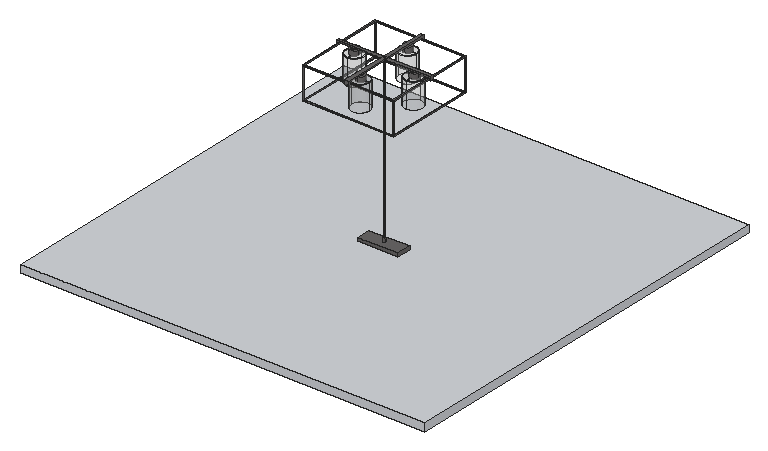
Revit family "P400226-031", category Lighting Fixtures, host Face, Revit 2014
Parameters (values of type "P400226-031")
  Wood = Paint - Hubbell - Textured Camera Black
  White = Paint - Hubbell - Matte White
  Watts = 100 W
  Wattage Comments = "100W"
  Warranty = "1 year Warranty"  # constant formula
  Voltage = 120 V
  URL = "https://www.hubbell.com/progresslighting/en"
  Product Link = "https://www.hubbell.com/progresslighting/en/Products/Lighting-Controls/Residential-Indoor-Lighting/New-Indoor-Products/Chadwick-Collection-Four-Light-Black-Chandelier/p/3980550"
  Product Documentation Link = "https://hubbellcdn.com/specsheet/PROG_P400226-031_spec.pdf"
  Power Factor = 1
  Model = "P400226-031"  # constant formula
  Manufacturer = "Progress Lighting"  # constant formula
  Load Classification = Lighting
  Square = 21 5/8"
  Lamp = "LED or Incandescent"
  Housing Material = Paint - Hubbell - Textured Camera Black
  Gold = Hubbell - Gold
  Glass = Paint - Hubbell - White Texture
  Fixture distribution = "Direct"  # constant formula
  Specifications = "Beautiful opal glass shades visually calm the sharp edges of the boxy frame in a masterful\r\nstroke of design excellence.\r\n• The frame is coated in a classic black finish that contrasts the light shades.\r\n• The light fixture is just right for spaces in need of a subtle, feminine touch.\r\n• Ideal for any foyer, dining room, or kitchen.\r\n• Perfect for transitional, modern, and contemporary settings.\r\n• Measures 21-5/8-inch width by 12-7/8-inch height.\r\n• Uses four medium base bulbs that are sold separately (100w max - LED or incandescent).\r\n• Able to be fully dimmable with dimmable bulbs.\r\n• Includes installation instructions and mounting hardware.\r\n• Progress Lighting products are designed for exceptional quality, reliability, and functionality."  # constant formula
  Height = 12 7/8"
  Description = "Stick with simple geometric forms and clean crisp lines with this modern\r\nwall bracket. Beautiful opal glass shades visually calm the sharp edges of the\r\nboxy frame in a masterful stroke of design excellence. The frame is coated in\r\na classic brushed nickel finish that contrasts the light shades. The light fixture\r\nis just right for spaces in need of a subtle, feminine touch."  # constant formula
  Depth = 3 223/256"
  Default Elevation = 48"
  Copyright = " ©2020 Progress Lighting, a division of Hubbell Lighting, Inc"  # constant formula
  Contact = "https://www.hubbell.com/progresslighting/en/contactUs"
  Connector Description = "Lighting Connector"  # constant formula
  Assembly Code = "D5020200"
  Apparent Load = Watts / Power Factor  # 100 VA
Reference planes (in)
  plane 1 "Center (Front/Back)": y = 0
  plane 2: z = 0.5561
  plane 3 "Center (Left/Right)": x = 0
  plane 4: z = 40.5561
  plane 5: x = -10.8125
  plane 6: x = 10.8125
  plane 7: y = -10.8125
  plane 8: y = 10.8125
Forms (in)
  Extrusion 1, solid
    sketch origin (0, 0, 0) x (1, 0, 0) y (0, 1, 0)
      loop
        line (-48, 48) -> (-48, -48) -> (48, -48) -> (48, 48) -> (-48, 48)
    from 0.5561 to -1.25
  Extrusion 2, solid, material "Paint - Hubbell - Textured Camera Black" <- "Housing Material"
    sketch origin (0, 0, 0) x (1, 0, 0) y (0, 1, 0)
      loop
        line (-4.75, 1.41327) -> (-4.75, -1.96173) -> (4.81529, -1.96173) -> (4.81529, 1.41327) -> (-4.75, 1.41327)
    from 0.5561 to 1.26909
  Sweep 3, solid, material "Paint - Hubbell - Textured Camera Black" <- "Housing Material"
    path origin (0, 0, 0) x (1, 0, 0) y (0, 1, 0)
      loop
        line (-10.8125, 10.8125) -> (-10.8125, -10.8125) -> (10.8125, -10.8125) -> (10.8125, 10.8125) -> (-10.8125, 10.8125)
    profile origin (0, 10.8125, 0) x (0, 1, 0) y (0, 0, 1)
      loop
        line (0, 39.7436) -> (-0.19386, 39.7436) -> (-0.19386, 39.54069) -> (0, 39.54069) -> (0, 39.7436)
  Sweep 4, solid, material "Paint - Hubbell - Textured Camera Black" <- "Housing Material"
    path origin (0, 0, -8.375) x (1, 0, 0) y (0, 1, 0)
      loop
        line (-10.8125, 10.8125) -> (-10.8125, -10.8125) -> (10.8125, -10.8125) -> (10.8125, 10.8125) -> (-10.8125, 10.8125)
    profile origin (0, 10.8125, -8.375) x (0, 1, 0) y (0, 0, 1)
      loop
        line (0, 40.5561) -> (-0.19386, 40.5561) -> (-0.19386, 40.35319) -> (0, 40.35319) -> (0, 40.5561)
  Revolve 5, solid, material "Paint - Hubbell - White Texture" <- "Glass"
    sketch origin (-7, 0, 0.5) x (0, 1, 0) y (0, 0, -1)
      loop
        line (0, -38.3061) -> (0, -38.24741) -> (-2.00123, -38.24741)
        arc (-2.00123, -38.24741) -> (-2.07898, -38.21521) -> (-2.11118, -38.13747) r 0.10994
        line (-2.11118, -38.13747) -> (-2.11118, -32.1811) -> (-2.15613, -32.1811) -> (-2.15613, -38.20715)
        arc (-2.15613, -38.20715) -> (-2.12714, -38.27712) -> (-2.05718, -38.3061) r 0.09895
        line (-2.05718, -38.3061) -> (0, -38.3061)
      axis (0, -38.3061) -> (0, -32.1811)
    angle from 0 to 360
  Revolve 6, solid, material "Paint - Hubbell - Textured Camera Black" <- "Housing Material"
    sketch origin (-16.25061, -0.06641, 3.3929) x (1, 0, 0) y (0, 0, 1)
      loop
        line (9.18811, 36.64779) -> (8.35896, 36.64779)
        arc (8.35896, 36.64779) -> (8.23815, 36.59775) -> (8.18811, 36.47694) r 0.17085
        line (8.18811, 36.47694) -> (8.18811, 35.39779) -> (9.18811, 35.39779) -> (9.18811, 36.64779)
      axis (9.18811, 35.39779) -> (9.18811, 36.64779)
    angle from 0 to 360
  Revolve 7, solid, material "Paint - Hubbell - Textured Camera Black" <- "Housing Material"
    sketch origin (-7.00061, -0.00391, 2.8929) x (1, 0, 0) y (0, 0, 1)
      loop
        line (7.00061, 37.1322) -> (6.82696, 37.1322) -> (6.82696, 36.1632) -> (6.87443, 36.1632) -> (6.87443, -0.87381) -> (6.73463, -0.87381) -> (6.73463, -1.62381) -> (7.00061, -1.62381) -> (7.00061, 37.1322)
      axis (7.00061, -1.62381) -> (7.00061, 37.1322)
    angle from 0 to 360
  Extrusion 8, solid, material "Paint - Hubbell - Textured Camera Black" <- "Housing Material"
    sketch origin (10.9375, 0, 0) x (0, 1, 0) y (0, 0, -1)
      loop
        line (-0.06838, -40.33735) -> (11.15625, -40.33735) -> (11.15625, -39.52485) -> (10.8125, -39.52485) -> (10.8125, -40.02485) -> (-0.06865, -40.02485) -> (-10.8125, -40.02485) -> (-10.8125, -39.52485) -> (-11.15625, -39.52485) -> (-11.15625, -40.33735) -> (-0.06838, -40.33735)
    from 10.47411 to 11.31297
  Extrusion 9, solid, material "Paint - Hubbell - Textured Camera Black" <- "Housing Material"
    sketch origin (0, 0, 0) x (1, 0, 0) y (0, 1, 0)
      loop
        line (-10.61864, 10.61864) -> (-10.61864, 10.8125) -> (-10.8125, 10.8125) -> (-10.8125, 10.61864) -> (-10.61864, 10.61864)
      loop
        line (-10.61864, -10.61864) -> (-10.8125, -10.61864) -> (-10.8125, -10.8125) -> (-10.61864, -10.8125) -> (-10.61864, -10.61864)
      loop
        line (10.61864, 10.61864) -> (10.8125, 10.61864) -> (10.8125, 10.8125) -> (10.61864, 10.8125) -> (10.61864, 10.61864)
      loop
        line (10.61864, -10.61864) -> (10.61864, -10.8125) -> (10.8125, -10.8125) -> (10.8125, -10.61864) -> (10.61864, -10.61864)
    from 32.1811 to 39.54069
  Revolve 10, solid, material "Paint - Hubbell - White Texture" <- "Glass"
    sketch origin (0, 7, 0.5) x (1, 0, 0) y (0, 0, -1)
      loop
        line (0, -38.3061) -> (0, -38.24741) -> (-2.00123, -38.24741)
        arc (-2.00123, -38.24741) -> (-2.07898, -38.21521) -> (-2.11118, -38.13747) r 0.10994
        line (-2.11118, -38.13747) -> (-2.11118, -32.1811) -> (-2.15613, -32.1811) -> (-2.15613, -38.20715)
        arc (-2.15613, -38.20715) -> (-2.12714, -38.27712) -> (-2.05718, -38.3061) r 0.09895
        line (-2.05718, -38.3061) -> (0, -38.3061)
      axis (0, -38.3061) -> (0, -32.1811)
    angle from 0 to 360
  Revolve 11, solid, material "Paint - Hubbell - Textured Camera Black" <- "Housing Material"
    sketch origin (-0.06641, 16.25061, 3.3929) x (0, -1, 0) y (0, 0, 1)
      loop
        line (9.18811, 36.64779) -> (8.35896, 36.64779)
        arc (8.35896, 36.64779) -> (8.23815, 36.59775) -> (8.18811, 36.47694) r 0.17085
        line (8.18811, 36.47694) -> (8.18811, 35.39779) -> (9.18811, 35.39779) -> (9.18811, 36.64779)
      axis (9.18811, 35.39779) -> (9.18811, 36.64779)
    angle from 0 to 360
  Revolve 12, solid, material "Paint - Hubbell - White Texture" <- "Glass"
    sketch origin (7, 0, 0.5) x (0, -1, 0) y (0, 0, -1)
      loop
        line (0, -38.3061) -> (0, -38.24741) -> (-2.00123, -38.24741)
        arc (-2.00123, -38.24741) -> (-2.07898, -38.21521) -> (-2.11118, -38.13747) r 0.10994
        line (-2.11118, -38.13747) -> (-2.11118, -32.1811) -> (-2.15613, -32.1811) -> (-2.15613, -38.20715)
        arc (-2.15613, -38.20715) -> (-2.12714, -38.27712) -> (-2.05718, -38.3061) r 0.09895
        line (-2.05718, -38.3061) -> (0, -38.3061)
      axis (0, -38.3061) -> (0, -32.1811)
    angle from 0 to 360
  Revolve 13, solid, material "Paint - Hubbell - Textured Camera Black" <- "Housing Material"
    sketch origin (16.25061, 0.06641, 3.3929) x (-1, 0, 0) y (0, 0, 1)
      loop
        line (9.18811, 36.64779) -> (8.35896, 36.64779)
        arc (8.35896, 36.64779) -> (8.23815, 36.59775) -> (8.18811, 36.47694) r 0.17085
        line (8.18811, 36.47694) -> (8.18811, 35.39779) -> (9.18811, 35.39779) -> (9.18811, 36.64779)
      axis (9.18811, 35.39779) -> (9.18811, 36.64779)
    angle from 0 to 360
  Revolve 14, solid, material "Paint - Hubbell - White Texture" <- "Glass"
    sketch origin (0, -7, 0.5) x (-1, 0, 0) y (0, 0, -1)
      loop
        line (0, -38.3061) -> (0, -38.24741) -> (-2.00123, -38.24741)
        arc (-2.00123, -38.24741) -> (-2.07898, -38.21521) -> (-2.11118, -38.13747) r 0.10994
        line (-2.11118, -38.13747) -> (-2.11118, -32.1811) -> (-2.15613, -32.1811) -> (-2.15613, -38.20715)
        arc (-2.15613, -38.20715) -> (-2.12714, -38.27712) -> (-2.05718, -38.3061) r 0.09895
        line (-2.05718, -38.3061) -> (0, -38.3061)
      axis (0, -38.3061) -> (0, -32.1811)
    angle from 0 to 360
  Revolve 15, solid, material "Paint - Hubbell - Textured Camera Black" <- "Housing Material"
    sketch origin (0.06641, -16.25061, 3.3929) x (0, 1, 0) y (0, 0, 1)
      loop
        line (9.18811, 36.64779) -> (8.35896, 36.64779)
        arc (8.35896, 36.64779) -> (8.23815, 36.59775) -> (8.18811, 36.47694) r 0.17085
        line (8.18811, 36.47694) -> (8.18811, 35.39779) -> (9.18811, 35.39779) -> (9.18811, 36.64779)
      axis (9.18811, 35.39779) -> (9.18811, 36.64779)
    angle from 0 to 360
  Extrusion 16, solid, material "Paint - Hubbell - Textured Camera Black" <- "Housing Material"
    sketch origin (0.10646, -10.89354, 0) x (1, 0, 0) y (0, 0, -1)
      loop
        line (-0.06838, -40.33735) -> (11.15625, -40.33735) -> (11.15625, -39.52485) -> (10.8125, -39.52485) -> (10.8125, -40.02485) -> (-0.06865, -40.02485) -> (-10.8125, -40.02485) -> (-10.8125, -39.52485) -> (-11.15625, -39.52485) -> (-11.15625, -40.33735) -> (-0.06838, -40.33735)
    from 10.47411 to 11.31297
Dimensions and locks (in)
  "Square": plane 5 to plane 6
  equal spacing: plane 5, plane 3 "Center (Left/Right)", plane 6
  equal spacing: plane 7, plane 1 "Center (Front/Back)", plane 8
  "Square": plane 7 to plane 8
  plane 4 to plane 2 = 40"
  aligned and locked: plane 2 to Extrusion 1
  aligned and locked: Extrusion 9 to Sweep 3
  aligned and locked: Extrusion 9 to Sweep 4
Automatic sketch dimensions
  Extrusion 1 sketch curve to Extrusion 1 sketch curve = 96"  (x2)
  plane 1 "Center (Front/Back)" to Extrusion 2 sketch curve = 1.96173"
  Extrusion 2 sketch curve to plane 3 "Center (Left/Right)" = 4 3/4"
  plane 3 "Center (Left/Right)" to Extrusion 2 sketch curve = 4.81529"
  Extrusion 2 sketch curve to plane 1 "Center (Front/Back)" = 1.41327"
  Sweep 3 sketch curve to plane 5 = 0"
  Sweep 3 sketch curve to plane 6 = 0"
  plane 7 to Sweep 3 sketch curve = 0"
  plane 8 to Sweep 3 sketch curve = 0"
  Sweep 3 sketch curve to profile plane = 0"
  profile plane to Sweep 3 sketch curve = 0.19386"
  level to Sweep 3 sketch curve = 39.54069"
  Sweep 3 sketch curve to Sweep 3 sketch curve = 0.20291"
  Sweep 4 sketch curve to plane 5 = 0"
  Sweep 4 sketch curve to plane 6 = 0"
  plane 7 to Sweep 4 sketch curve = 0"
  plane 8 to Sweep 4 sketch curve = 0"
  Sweep 4 sketch curve to profile plane = 0"
  profile plane to Sweep 4 sketch curve = 0.19386"
  profile plane to Sweep 4 sketch curve = 40.35319"
  Sweep 4 sketch curve to Sweep 4 sketch curve = 0.20291"
  Revolve 5 sketch curve to plane 1 "Center (Front/Back)" = 0"  (x2)
  plane 1 "Center (Front/Back)" to Revolve 5 sketch curve = 2.00123"
  Revolve 5 sketch curve to Revolve 5 sketch curve = 0.05594"
  plane 1 "Center (Front/Back)" to Revolve 5 sketch curve = 2.11118"
  Revolve 5 sketch curve to Revolve 5 sketch curve = 0.04495"
  Revolve 5 sketch curve to plane 4 = 1 3/4"
  Revolve 5 sketch curve to Revolve 5 sketch curve = 0.05869"
  Revolve 5 sketch curve to Revolve 5 sketch curve = 5.95637"
  Revolve 5 sketch curve to Revolve 5 sketch curve = 1/4"
  Revolve 5 sketch curve to Revolve 5 sketch curve = 0"
  Revolve 6 sketch curve to plane 4 = 1.76541"
  plane 5 to Revolve 6 sketch curve = 2 3/4"
  Revolve 6 sketch curve to Revolve 6 sketch curve = 0.17085"
  Revolve 6 sketch curve to Revolve 6 sketch curve = 1"
  Revolve 6 sketch curve to Revolve 6 sketch curve = 1.07915"
  Revolve 6 sketch curve to Revolve 6 sketch curve = 0"
  Revolve 6 sketch curve to Revolve 6 sketch curve = 13.48459"
  plane 4 to Revolve 6 sketch curve = 3 1/4"
  plane 2 to Revolve 7 sketch curve = 0.71299"
  Revolve 7 sketch curve to plane 3 "Center (Left/Right)" = 0.26598"
  Revolve 7 sketch curve to plane 4 = 0.53099"
  Revolve 7 sketch curve to plane 3 "Center (Left/Right)" = 0.17365"
  Revolve 7 sketch curve to Revolve 7 sketch curve = 0.04746"
  Revolve 7 sketch curve to Revolve 7 sketch curve = 0.26598"
  Revolve 7 sketch curve to Revolve 7 sketch curve = 3/4"
  Revolve 7 sketch curve to Revolve 7 sketch curve = 0.96901"
  plane 3 "Center (Left/Right)" to Revolve 7 sketch curve = 0"
  Revolve 7 sketch curve to Revolve 7 sketch curve = 0"
  plane 4 to Revolve 7 sketch curve = 7.71299"
  Extrusion 8 sketch curve to plane 7 = 0"
  Extrusion 8 sketch curve to plane 8 = 0"
  Extrusion 8 sketch curve to Extrusion 8 sketch curve = 11/32"
  plane 1 "Center (Front/Back)" to Extrusion 8 sketch curve = 0.06838"
  Extrusion 8 sketch curve to plane 4 = 7/32"
  Extrusion 8 sketch curve to plane 8 = 11/32"
  Extrusion 8 sketch curve to Extrusion 8 sketch curve = 1/2"  (x2)
  Extrusion 9 sketch curve to plane 5 = 0"  (x2)
  plane 7 to Extrusion 9 sketch curve = 0"  (x2)
  plane 8 to Extrusion 9 sketch curve = 0"  (x2)
  Extrusion 9 sketch curve to plane 6 = 0"  (x2)
  plane 5 to Extrusion 9 sketch curve = 0.19386"  (x2)
  Extrusion 9 sketch curve to plane 6 = 0.19386"  (x2)
  Extrusion 9 sketch curve to plane 7 = 0.19386"  (x2)
  plane 8 to Extrusion 9 sketch curve = 0.19386"  (x2)
  plane 3 "Center (Left/Right)" to Revolve 10 sketch curve = 0"  (x2)
  Revolve 10 sketch curve to plane 3 "Center (Left/Right)" = 2.00123"
  Revolve 10 sketch curve to Revolve 10 sketch curve = 0.05594"
  Revolve 10 sketch curve to plane 3 "Center (Left/Right)" = 2.11118"
  Revolve 10 sketch curve to Revolve 10 sketch curve = 0.04495"
  Revolve 10 sketch curve to plane 4 = 1 3/4"
  Revolve 10 sketch curve to Revolve 10 sketch curve = 0.05869"
  Revolve 10 sketch curve to Revolve 10 sketch curve = 5.95637"
  Revolve 10 sketch curve to Revolve 10 sketch curve = 1/4"
  Revolve 10 sketch curve to Revolve 10 sketch curve = 0"
  plane 8 to Revolve 11 sketch curve = 2 3/4"
  Revolve 11 sketch curve to Revolve 11 sketch curve = 0.17085"
  Revolve 11 sketch curve to Revolve 11 sketch curve = 1"
  Revolve 11 sketch curve to plane 4 = 1.76541"
  Revolve 11 sketch curve to Revolve 11 sketch curve = 1.07915"
  plane 8 to Revolve 11 sketch curve = 3 3/4"
  Revolve 11 sketch curve to Revolve 11 sketch curve = 13.48459"
  plane 4 to Revolve 11 sketch curve = 3 1/4"
  Revolve 12 sketch curve to plane 1 "Center (Front/Back)" = 0"  (x2)
  Revolve 12 sketch curve to plane 1 "Center (Front/Back)" = 2.00123"
  Revolve 12 sketch curve to Revolve 12 sketch curve = 0.05594"
  Revolve 12 sketch curve to plane 1 "Center (Front/Back)" = 2.11118"
  Revolve 12 sketch curve to Revolve 12 sketch curve = 0.04495"
  Revolve 12 sketch curve to plane 4 = 1 3/4"
  Revolve 12 sketch curve to Revolve 12 sketch curve = 0.05869"
  Revolve 12 sketch curve to Revolve 12 sketch curve = 5.95637"
  Revolve 12 sketch curve to Revolve 12 sketch curve = 1/4"
  Revolve 12 sketch curve to Revolve 12 sketch curve = 0"
  Revolve 13 sketch curve to plane 6 = 2 3/4"
  Revolve 13 sketch curve to Revolve 13 sketch curve = 0.17085"
  Revolve 13 sketch curve to Revolve 13 sketch curve = 1"
  Revolve 13 sketch curve to plane 4 = 1.76541"
  Revolve 13 sketch curve to Revolve 13 sketch curve = 1.07915"
  Revolve 13 sketch curve to plane 6 = 3 3/4"
  Revolve 13 sketch curve to Revolve 13 sketch curve = 13.48459"
  plane 4 to Revolve 13 sketch curve = 3 1/4"
  Revolve 14 sketch curve to plane 3 "Center (Left/Right)" = 0"  (x2)
  plane 3 "Center (Left/Right)" to Revolve 14 sketch curve = 2.00123"
  Revolve 14 sketch curve to Revolve 14 sketch curve = 0.05594"
  Revolve 14 sketch curve to Revolve 14 sketch curve = 2.11118"
  Revolve 14 sketch curve to Revolve 14 sketch curve = 0.04495"
  Revolve 14 sketch curve to plane 4 = 1 3/4"
  Revolve 14 sketch curve to Revolve 14 sketch curve = 0.05869"
  Revolve 14 sketch curve to Revolve 14 sketch curve = 5.95637"
  Revolve 14 sketch curve to Revolve 14 sketch curve = 1/4"
  Revolve 14 sketch curve to Revolve 14 sketch curve = 0"
  Revolve 15 sketch curve to plane 7 = 2 3/4"
  Revolve 15 sketch curve to Revolve 15 sketch curve = 0.17085"
  Revolve 15 sketch curve to Revolve 15 sketch curve = 1"
  Revolve 15 sketch curve to plane 4 = 1.76541"
  Revolve 15 sketch curve to Revolve 15 sketch curve = 1.07915"
  Revolve 15 sketch curve to plane 7 = 3 3/4"
  Revolve 15 sketch curve to Revolve 15 sketch curve = 13.48459"
  plane 4 to Revolve 15 sketch curve = 3 1/4"
  Extrusion 8 sketch curve to Extrusion 8 sketch curve = 5/16"
  Extrusion 8 sketch curve to Extrusion 8 sketch curve = 0.00027"
  Extrusion 16 sketch curve to plane 5 = 0.23729"
  plane 5 to Extrusion 16 sketch curve = 0.10646"
  plane 3 "Center (Left/Right)" to Extrusion 16 sketch curve = 0.03781"
  plane 3 "Center (Left/Right)" to Extrusion 16 sketch curve = 0.03808"
  plane 6 to Extrusion 16 sketch curve = 0.10646"
  Extrusion 16 sketch curve to Extrusion 16 sketch curve = 11/32"
  Extrusion 16 sketch curve to plane 4 = 7/32"
  Extrusion 16 sketch curve to Extrusion 16 sketch curve = 5/16"
  Extrusion 16 sketch curve to Extrusion 16 sketch curve = 1/2"  (x2)
Nested families (in)
  nested 1: "Light Source" at (-7.0122, 0, 32.5), type "Light Source"
  nested 2: "Light Source" at (-0.89615, -6.11605, 32.5), type "Light Source"
  nested 3: "Light Source" at (6.10385, 0.88395, 32.5), type "Light Source"
  nested 4: "Light Source" at (-0.89615, 7.88395, 32.5), type "Light Source"
Connectors (in)
  electrical at (0.03265, -0.27423, 0.5561), driven by "Voltage", driven by "Apparent Load", driven by "Power Factor", driven by "Load Classification", driven by "Connector Description"
    settings: on Extrusion 2, index 1, voltage 120 V, apparent load 100 VA, apparent load phase1 0 VA, apparent load phase2 0 VA, apparent load phase3 0 VA, power factor 1, load classification "Lighting", number of poles 1, system type 30, power factor state 1, is connector primary yes, connector utility no, sub classification motor no, connector description "Lighting Connector"
Definition of nested family "Light Source"
  Parameters (values of type "Light Source")
    Wattage = 60 W
    built-in parameter 1150110 = 1 (stored number, unit not read)
    built-in parameter 1114217 = 1 (stored number, unit not read)
    Tilt Angle = 60.00°
    built-in parameter 1150109 = 1 (stored number, unit not read)
    built-in parameter 1150134 = 3
    built-in parameter 1150113 = 1 (stored number, unit not read)
    Photometric Web File = "generic"
    built-in parameter 1150142 = (empty or 0)
    built-in parameter 1150105 = 477.46 (stored number, unit not read)
    Lumens = 6000 lm
    built-in parameter 1150115 = 1 (stored number, unit not read)
    built-in parameter 1150137 = (empty or 0)
    built-in parameter 1150139 = (empty or 0)
    built-in parameter 1150112 = 1 (stored number, unit not read)
    built-in parameter 1150114 = 1 (stored number, unit not read)
    built-in parameter 1150132 = (empty or 0)
    built-in parameter 1150102 = (empty or 0)
    built-in parameter 1150107 = 3200 (stored number, unit not read)
    built-in parameter 1150138 = (empty or 0)
    built-in parameter 1150106 = 4.7746 (stored number, unit not read)
    built-in parameter 1150104 = 9.2903 (stored number, unit not read)
    Dimming Lamp Color Temperature Shift = (empty or 0)
    Color Filter = 16777215
    built-in parameter 1114218 = 1 (stored number, unit not read)
    built-in parameter 1150133 = 10 (stored number, unit not read)
  Reference planes (in)
    plane 1 "Center (Front/Back)": y = 0
    plane 2: z = 0
    plane 3 "Center (Left/Right)": x = 0
  Dimensions and locks (in)
    aligned and locked: level to plane 2
